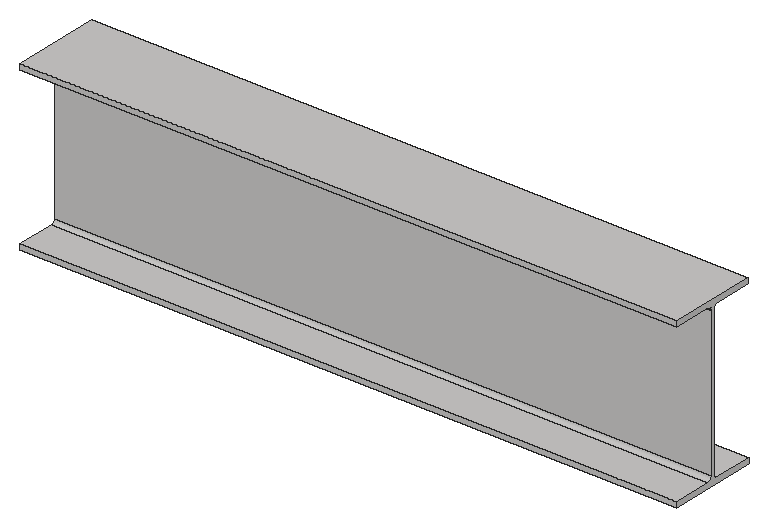
Revit family "M_W Shapes", category Structural Framing, Revit 2018
Family settings
  Structural Framing Length Roundoff = 0.10 mm
  Section Shape = I-shape Parallel Flange
  Material for Model Behavior = Steel
  Always export as geometry = No
  Code Name = AISC 14.1
  OmniClass Number = 23.25.30.11.14.14
  OmniClass Title = Beams
  Always vertical = Yes
  Cut with Voids When Loaded = No
  Symbolic Representation = From Project Settings
  Shared = No
  Show family pre-cut in plan views = Yes
Parameters (values of type "W310X38.7")
  Width = 165.00 mm
  Web Thickness = 5.84 mm
  Web Fillet = 7.7 mm
  Warping Constant = 163000000000.0 mm6
  Torsional Moment of Inertia = 125000.00 mm4
  Structural Material [instance] = Steel, 45-345
  Section Name Key = "W12x26"
  Section Area = 4940.0 mm²
  Plastic Modulus weak axis = 134000.0 mm³
  Plastic Modulus strong axis = 610000.0 mm³
  Perimeter = 4.101 (stored number, unit not read)
  Nominal Weight = 379.52 N/m
  Moment of Inertia weak axis = 720 cm⁴
  Moment of Inertia strong axis = 8490 cm⁴
  Height = 310.00 mm
  Flange Thickness = 9.65 mm
  Elastic Modulus weak axis = 87500.0 mm³
  Elastic Modulus strong axis = 547000.0 mm³
  Centroid Vertical = Height / 2  # 155 mm
  Centroid Horizontal = Width / 2  # 82.5 mm
  Assembly Code = ""
  Length [instance] = 1500.00 mm
Reference planes
  plane 1 "Center (Front/Back)": y = 0
  plane 2: z = 0
  plane 3 "Center (Left/Right)": x = 4.61
  plane 4 "Member Left": x = -604.99
  plane 5 "Member Right": x = 614.21
  plane 6: y = 82.5
  plane 7: y = -82.5
  plane 8 "Top": z = 155
  plane 9: z = -155
  plane 10 "Left": x = -757.39
  plane 11 "Right": x = 742.61
Forms (mm)
  Sweep 1, solid, material "Steel, 45-345" <- "Structural Material", detail levels medium
    path origin (0, 0, 0) x (1, 0, 0) y (0, 1, 0)
      loop
        line (614.21, 0) -> (-604.99, 0)
    profile "M_W-Wide Flange-Profile-Medium : M_W-Wide Flange-Profile-Medium" origin (4.61, 0, 0) x (0, -1, 0) y (0, 0, 1)
      loop
        line (-82.5, -155) -> (82.5, -155) -> (82.5, -145.35) -> (2.92, -145.35) -> (2.92, 145.35) -> (82.5, 145.35) -> (82.5, 155) -> (-82.5, 155) -> (-82.5, 145.35) -> (-2.92, 145.35) -> (-2.92, -145.35) -> (-82.5, -145.35) -> (-82.5, -155)
  Sweep 2, solid, material "Steel, 45-345" <- "Structural Material", detail levels fine
    path origin (0, 0, 0) x (1, 0, 0) y (0, 1, 0)
      loop
        line (614.21, 0) -> (-604.99, 0)
    profile "M_W-Wide Flange-Profile-Fine : M_W-Wide Flange-Profile-Fine" origin (4.61, 0, 0) x (0, -1, 0) y (0, 0, 1)
      loop
        line (-82.5, -155) -> (82.5, -155) -> (82.5, -145.35) -> (10.57, -145.35)
        arc (10.57, -145.35) -> (5.161, -143.109) -> (2.92, -137.7) r 7.65
        line (2.92, -137.7) -> (2.92, 137.7)
        arc (2.92, 137.7) -> (5.161, 143.109) -> (10.57, 145.35) r 7.65
        line (10.57, 145.35) -> (82.5, 145.35) -> (82.5, 155) -> (-82.5, 155) -> (-82.5, 145.35) -> (-10.57, 145.35)
        arc (-10.57, 145.35) -> (-5.161, 143.109) -> (-2.92, 137.7) r 7.65
        line (-2.92, 137.7) -> (-2.92, -137.7)
        arc (-2.92, -137.7) -> (-5.161, -143.109) -> (-10.57, -145.35) r 7.65
        line (-10.57, -145.35) -> (-82.5, -145.35) -> (-82.5, -155)
Lines and regions (mm)
  symbolic lines, style "Hidden Faces", detail levels medium+fine
    curve 1: line (614.21, -2.92, 0) -> (-604.99, -2.92, 0)
    curve 2: line (614.21, 2.92, 0) -> (-604.99, 2.92, 0)
  symbolic lines, style "Stick Symbols", detail levels coarse
    curve 3: line (4.61, 82.5, 155) -> (4.61, -82.5, 155)
    curve 4: line (4.61, -82.5, -155) -> (4.61, 82.5, -155)
    curve 5: line (4.61, 0, 155) -> (4.61, 0, -155)
Dimensions and locks
  "Width": plane 6 to plane 7
  "Height": plane 9 to plane 8 "Top"
  equal spacing: plane 9, plane 2, plane 8 "Top"
  equal spacing: plane 6, plane 1 "Center (Front/Back)", plane 7
  "Length": plane 10 "Left" to plane 11 "Right"
  "Web Thickness": curve 2 to curve 1
  equal spacing: curve 2, plane 1 "Center (Front/Back)", curve 1
  aligned and locked: Sweep 1 sketch curve to plane 1 "Center (Front/Back)"
  aligned and locked: Sweep 2 sketch curve to plane 1 "Center (Front/Back)"
  aligned and locked: Sweep 2 to curve 3  (x2)
  aligned and locked: Sweep 2 to curve 4  (x2)
  aligned and locked: curve 3 to Sweep 2
  aligned and locked: curve 4 to Sweep 2
  aligned and locked: plane 4 "Member Left" to Sweep 2 sketch curve
  aligned and locked: plane 5 "Member Right" to Sweep 2 sketch curve
  aligned and locked: plane 4 "Member Left" to Sweep 1 sketch curve
  aligned and locked: plane 5 "Member Right" to Sweep 1 sketch curve
  aligned and locked: plane 4 "Member Left" to curve 2
  aligned and locked: plane 4 "Member Left" to curve 1
  aligned and locked: plane 5 "Member Right" to curve 2
  aligned and locked: plane 5 "Member Right" to curve 1
  aligned and locked: curve 5 to plane 1 "Center (Front/Back)"
  aligned and locked: plane 9 to curve 5
  aligned and locked: plane 8 "Top" to curve 5
